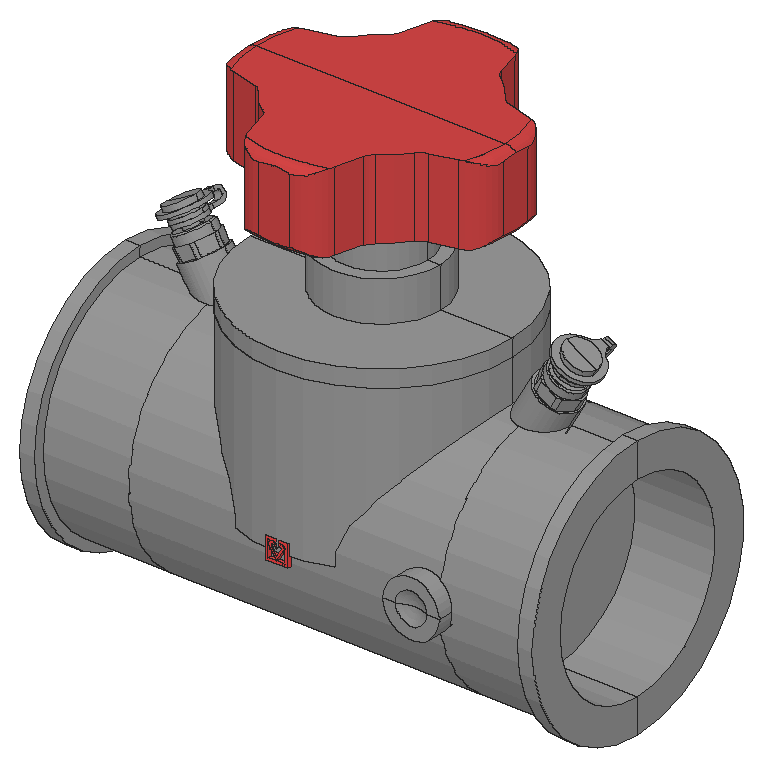
Revit family "HERZ Strömax Commissioning Valve With Test Points, Straight Body 4217 GM", category Rohrzubehör, Revit 2018
Family settings
  Bemaßung runder Anschluss = Durchmesser verwenden
  Teiletyp = Unterbricht
  OmniClass-Nummer = 23.65.55.14
  OmniClass-Titel = Valves for Liquid Services
  Arbeitsebenenbasiert = Nein
  Immer vertikal = Ja
  Beim Laden mit Abzugskörper schneiden = Nein
  Gemeinsam genutzt = Nein
Parameters
  kvs-value [instance] = if(Nennweite = 15.00 mm, 6.05, if(Nennweite = 20.00 mm, 6.11, if(Nennweite = 25.00 mm, 9.22, if(Nennweite = 32.00 mm, 18.83, if(Nennweite = 40.00 mm, 23.29, if(Nennweite = 50.00 mm, 35.26, if(Nennweite = 65.00 mm, 52.11, if(Nennweite = 80.00 mm, 76.1, 0))))))))  # 76.1
  W02 = 60.00°  # constant formula
  W01 = 30.00°  # constant formula
  URL = "www.herzvalves.com"
  SC_NennweiteBerechnet = 0
  SC_Dimension = ""
  SCRNSEQ = "ARM;ARM_TYP=\"STRV\";2"
  SCRNCODE = "05;07;02"  # constant formula
  S02 = 60.00 mm  # constant formula
  S01 [instance] = H00 + H01  # 119.31 mm
  R01 [instance] = size_lookup("4217_GM_", "R1", 1.00 mm, Nennweite)  # 53.00 mm
  Part number [instance] = size_lookup("4217_GM_", "Artnr", 0, Nennweite)  # 1421708
  Nennweite [instance] = 80.00 mm
  Model = "STRÖMAX-GM commissioning valve with test points, 1/2′′ – 3′′:\r\nScrew down model, brass version, socket x socket, non-rising spindle, spindle seal by means of double-O-ring, presetting by limitation of valve lift by means of internal spindle;\r\ndigital display of presetting step at the hand wheel window.\r\n2 standard test points are located adjacent to the hand wheel."
  Medium = "Water purity in accordance with the OeNORM H5195 and VDI 2035 standards.\r\nEthylene and propylene glycol can be mixed to a ratio of 25 - 50 vol. [%]."
  Max. operating pressure = 1600000.0 Pa  # constant formula
  Max. operating temperature (up to DN32) = 130 °C  # constant formula
  Max. operating temperature (from DN40) = 110 °C  # constant formula
  ML02 [instance] = size_lookup("4217_GM_", "ML2", 1.00 mm, Nennweite)  # 70.50 mm
  ML01 [instance] = size_lookup("4217_GM_", "ML1", 1.00 mm, Nennweite)  # 37.35 mm
  MD01 = 9.50 mm  # constant formula
  L02 [instance] = size_lookup("4217_GM_", "L2", 1.00 mm, Nennweite)  # 6.00 mm
  L01 [instance] = size_lookup("4217_GM_", "L1", 1.00 mm, Nennweite)  # 41.30 mm
  L00 [instance] = size_lookup("4217_GM_", "L", 1.00 mm, Nennweite)  # 210.00 mm
  IG [instance] = Nennweite / 2  # 40.00 mm
  Hersteller = "HERZ Armaturen Ges.m.b.H."  # constant formula
  H04 [instance] = size_lookup("4217_GM_", "H4", 1.00 mm, Nennweite)  # 19.00 mm
  H03 = 10.00 mm  # constant formula
  H02 [instance] = size_lookup("4217_GM_", "H2", 1.00 mm, Nennweite)  # 7.00 mm
  H01 [instance] = size_lookup("4217_GM_", "H1", 1.00 mm, Nennweite)  # 52.60 mm
  H00 [instance] = size_lookup("4217_GM_", "H", 1.00 mm, Nennweite)  # 66.71 mm
  Weight [instance] = if(Nennweite = 15.00 mm, "0.85 kg", if(Nennweite = 20.00 mm, "1.22 kg", if(Nennweite = 25.00 mm, "1.55 kg", if(Nennweite = 32.00 mm, "1.88 kg", if(Nennweite = 40.00 mm, "2.34 kg", if(Nennweite = 50.00 mm, "3.74 kg", if(Nennweite = 65.00 mm, "5.23 kg", if(Nennweite = 80.00 mm, "6.97 kg", "0 kg"))))))))  # "6.97 kg"
  GT [instance] = size_lookup("4217_GM_", "GT", 1.00 mm, Nennweite)  # 33.30 mm
  Field of application = "For hydraulic balancing in heating and cooling systems, adjustment of distribution mains, circuits, heat exchangers, heating and cooling registers, etc."
  Installation position = "The non-rising valve spindle arranged perpendicular to the valve axis guarantees optimum accessibility and optimum valve operation in any installation position."
  Differential pressure measurement = "The STRÖMAX-GM commissioning valve is equipped with two test points.\r\nThe differential pressure can be measured using a suitable measuring instrument, which permits calculation of the flow rate as a function of the respective presetting step.\r\nThe HERZ-Measuring computer (1 8900 05) permits direct flow rate reading (consult the equipment manual)."
  DN80 [instance] = Nennweite = 80.00 mm  # yes
  DN65 [instance] = Nennweite = 65.00 mm  # no
  DN50_DN80 [instance] = or(Nennweite = 50.00 mm, Nennweite = 65.00 mm, Nennweite = 80.00 mm)  # yes
  DN50-DN80 [instance] = H00 + H01  # 119.31 mm
  DN50 [instance] = Nennweite = 50.00 mm  # no
  DN40 [instance] = Nennweite = 40.00 mm  # no
  DN32 [instance] = Nennweite = 32.00 mm  # no
  DN25 [instance] = Nennweite = 25.00 mm  # no
  DN20 [instance] = Nennweite = 20.00 mm  # no
  DN15_DN40 [instance] = or(Nennweite = 15.00 mm, Nennweite = 20.00 mm, Nennweite = 25.00 mm, Nennweite = 32.00 mm, Nennweite = 40.00 mm)  # no
  DN15-DN40 [instance] = H00 + H01  # 119.31 mm
  DN15 [instance] = Nennweite = 15.00 mm  # no
  D06 [instance] = size_lookup("4217_GM_", "D6", 1.00 mm, Nennweite)  # 24.30 mm
  D05 [instance] = size_lookup("4217_GM_", "D5", 1.00 mm, Nennweite)  # 19.00 mm
  D04 = 9.00 mm  # constant formula
  D03 [instance] = size_lookup("4217_GM_", "D3", 1.00 mm, Nennweite)  # 53.80 mm
  D02 [instance] = size_lookup("4217_GM_", "D2", 1.00 mm, Nennweite)  # 54.00 mm
  D01 [instance] = size_lookup("4217_GM_", "D1", 1.00 mm, Nennweite)  # 50.00 mm
  Body = "DZR brass"  # constant formula
Reference planes
  plane 1 "Mitte (Vorne/hinten)": y = 0
  plane 2: z = 0
  plane 3 "Mitte (Links/rechts)": x = 0
Forms (mm)
  Revolve 1, solid, material "Messing, weicher Gelbton, geschweißt", detail levels fine
    sketch origin (0, 0, 0) x (1, 0, 0) y (0, 0, 1)
      loop
        line (-105, 54) -> (-105, 40) -> (-71.7, 40) -> (-71.7, 0) -> (71.7, 0) -> (71.7, 40) -> (105, 40) -> (105, 54) -> (99, 54) -> (99, 50) -> (63.7, 50)
        arc (63.7, 50) -> (0, 53) -> (-63.7, 50) r 677.782
        line (-63.7, 50) -> (-99, 50) -> (-99, 54) -> (-105, 54)
      axis (-105, 0) -> (105, 0)
    angle from 0 to 360
  Revolve 2, solid, material "Messing, weicher Gelbton, geschweißt", detail levels fine
    sketch origin (0, 0, 0) x (1, 0, 0) y (0, 0, 1)
      loop
        line (37.35, 0) -> (72.6, 61.055) -> (64.373, 65.805) -> (29.123, 4.75) -> (37.35, 0)
      axis (37.35, 0) -> (72.6, 61.055)
    angle from 0 to 360
  Revolve 3, solid, material "Messing, weicher Gelbton, geschweißt", detail levels fine
    sketch origin (0, 0, 0) x (1, 0, 0) y (0, 0, 1)
      loop
        line (0, 0) -> (0, 66.71) -> (-53.8, 66.71) -> (-53.8, 0) -> (0, 0)
      axis (0, 66.71) -> (0, 0)
    angle from 0 to 360
  Revolve 4, solid, material "Messing, weicher Gelbton, geschweißt", detail levels fine
    sketch origin (0, 0, 0) x (-1, 0, 0) y (0, 0, 1)
      loop
        line (37.35, 0) -> (72.6, 61.055) -> (64.373, 65.805) -> (29.123, 4.75) -> (37.35, 0)
      axis (37.35, 0) -> (72.6, 61.055)
    angle from 0 to 360
  Revolve 5, solid, material "Messing, weicher Gelbton, geschweißt", visible <- "DN65", detail levels fine
    sketch origin (0, 0, 0) x (1, 0, 0) y (0, 1, 0)
      loop
        line (60, 47.945) -> (60, -47.945)
        arc (60, -47.945) -> (63.368, -48.598) -> (66.5, -50) r 15
        line (66.5, -50) -> (71.5, -50) -> (71.5, 50) -> (66.5, 50)
        arc (66.5, 50) -> (63.368, 48.598) -> (60, 47.945) r 15
      axis (60, 50) -> (60, -50)
    angle from 0 to 360
  Revolve 6, solid, material "Messing, weicher Gelbton, geschweißt", detail levels fine
    sketch origin (0, 0, 0) x (1, 0, 0) y (0, 0, 1)
      loop
        line (0, 66.71) -> (0, 119.31) -> (-9, 119.31) -> (-9, 109.31) -> (-19, 109.31) -> (-19, 90.31) -> (-24.3, 90.31) -> (-24.3, 73.71) -> (-53.8, 73.71) -> (-53.8, 66.71) -> (0, 66.71)
      axis (0, 119.31) -> (0, 66.71)
    angle from 0 to 360
  Revolve 7, solid, material "Messing, weicher Gelbton, geschweißt", visible <- "DN80", detail levels fine
    sketch origin (0, 0, 0) x (1, 0, 0) y (0, 1, 0)
      loop
        line (57, 53.945) -> (57, -53.945)
        arc (57, -53.945) -> (60.368, -54.598) -> (63.5, -56) r 15
        line (63.5, -56) -> (68.5, -56) -> (68.5, 56) -> (63.5, 56)
        arc (63.5, 56) -> (60.368, 54.598) -> (57, 53.945) r 15
      axis (57, 56) -> (57, -56)
    angle from 0 to 360
Lines and regions (mm)
  model lines, detail levels coarse+medium
    curve 1: line (-105, 0, 54) -> (-105, 0, -54)
    curve 2: line (-105, 0, -54) -> (105, 0, 54)
    curve 3: line (105, 0, 54) -> (105, 0, -54)
    curve 4: line (105, 0, -54) -> (-105, 0, 54)
    curve 5: line (0, 0, 0) -> (68.884, 0, 119.31)
    curve 6: line (42.903, 0, 134.31) -> (94.864, 0, 104.31)
    curve 7: line (-105, 54, 0) -> (-105, -54, 0)
    curve 8: line (-105, -54, 0) -> (105, 54, 0)
    curve 9: line (105, 54, 0) -> (105, -54, 0)
    curve 10: line (105, -54, 0) -> (-105, 54, 0)
    curve 11: line (0, 0, 0) -> (68.884, 119.31, 0)
    curve 12: line (42.903, 134.31, 0) -> (94.864, 104.31, 0)
Dimensions and locks
  "IG": Revolve 1 sketch curve to plane 2
  "GT": Revolve 1 sketch curve to Revolve 1 sketch curve  (x2)
  "IG": Revolve 1 sketch curve to Revolve 1 sketch curve
  "D01": Revolve 1 sketch curve to Revolve 1 sketch curve  (x2)
  "R01": Revolve 1 sketch curve to Revolve 1 sketch curve
  "L02": Revolve 1 sketch curve to Revolve 1 sketch curve  (x2)
  "L01": Revolve 1 sketch curve to Revolve 1 sketch curve  (x2)
  "D02": Revolve 1 sketch curve to plane 2  (x2)
  equal spacing: Revolve 1 sketch curve, plane 3 "Mitte (Links/rechts)", Revolve 1 sketch curve
  "L00": Revolve 1 sketch curve to Revolve 1 sketch curve
  "R01": nested 1 to plane 1 "Mitte (Vorne/hinten)"
  "ML01": Revolve 2 sketch curve to plane 3 "Mitte (Links/rechts)"
  "H00": Revolve 3 sketch curve to plane 2
  "D03": Revolve 3 sketch curve to Revolve 3 sketch curve
  "ML02": Revolve 2 sketch curve to Revolve 2 sketch curve
  "MD01": Revolve 2 sketch curve to Revolve 2 sketch curve  (x2)
  "ML02": Revolve 4 sketch curve to Revolve 4 sketch curve
  "MD01": Revolve 4 sketch curve to Revolve 4 sketch curve  (x2)
  "ML01": plane 3 "Mitte (Links/rechts)" to Revolve 4 sketch curve
  Revolve 5 sketch curve to Revolve 1 = 45.00 mm
  Revolve 5 sketch curve to Revolve 5 sketch curve = 11.50 mm  (x2)
  Revolve 5 sketch curve to plane 1 "Mitte (Vorne/hinten)" to Revolve 5 sketch curve = 50.00 mm, 50.00 mm
  "H00": Revolve 6 sketch curve to plane 2
  "H01": Revolve 6 sketch curve to Revolve 6 sketch curve
  "D04": Revolve 6 sketch curve to Revolve 6 sketch curve
  "D03": Revolve 6 sketch curve to Revolve 6 sketch curve
  "D05": Revolve 6 sketch curve to Revolve 6 sketch curve
  "D06": Revolve 6 sketch curve to Revolve 6 sketch curve
  "H02": Revolve 6 sketch curve to Revolve 6 sketch curve
  "H03": Revolve 6 sketch curve to Revolve 6 sketch curve
  "H04": Revolve 6 sketch curve to Revolve 6 sketch curve
  Revolve 7 sketch curve to Revolve 1 = 48.00 mm
  Revolve 7 sketch curve to Revolve 7 sketch curve = 11.50 mm  (x2)
  Revolve 7 sketch curve to plane 1 "Mitte (Vorne/hinten)" to Revolve 7 sketch curve = 56.00 mm, 56.00 mm
  "DN15-DN40": nested 2 to plane 2
  "DN50-DN80": nested 3 to plane 2
  "D02": curve 4 to plane 2 to curve 2
  "D02": curve 3 to plane 2 to curve 4
  equal spacing: curve 1, plane 3 "Mitte (Links/rechts)", curve 3
  "L00": curve 1 to curve 3
  equal spacing: Revolve 1, curve 5, Revolve 1
  "S01": curve 5 to plane 2
  equal spacing: curve 6, curve 5, curve 6
  "S02": curve 6 to curve 6
  "D02": curve 8 to plane 1 "Mitte (Vorne/hinten)" to curve 10
  "D02": curve 10 to plane 1 "Mitte (Vorne/hinten)" to curve 9
  equal spacing: curve 7, plane 3 "Mitte (Links/rechts)", curve 9
  "L00": curve 7 to curve 9
  equal spacing: curve 7, curve 11, curve 9
  "S01": plane 1 "Mitte (Vorne/hinten)" to curve 11
  equal spacing: curve 12, curve 11, curve 12
  "S02": curve 12 to curve 12
  radius of Revolve 5 sketch curve = 15.00 mm  (x2)
  radius of Revolve 7 sketch curve = 15.00 mm  (x2)
  "W01": angle Revolve 2 sketch curve to plane 3 "Mitte (Links/rechts)"  (x2)
  "W01": angle plane 3 "Mitte (Links/rechts)" to Revolve 4 sketch curve  (x2)
  "W02": angle plane 2 to curve 5
  "W02": angle plane 1 "Mitte (Vorne/hinten)" to curve 11
  aligned and locked: level to plane 2
Automatic sketch dimensions
  Revolve 5 sketch curve to Revolve 5 sketch curve = 1.153 mm  (x2)
  Revolve 5 sketch curve to Revolve 5 sketch curve = 5.00 mm  (x2)
  Revolve 5 sketch curve to Revolve 5 sketch curve = 2.854 mm  (x2)
  Revolve 7 sketch curve to Revolve 7 sketch curve = 1.153 mm  (x2)
  Revolve 7 sketch curve to Revolve 7 sketch curve = 5.00 mm  (x2)
  Revolve 7 sketch curve to Revolve 7 sketch curve = 8.854 mm  (x2)
  Revolve 1 sketch curve to level = 0.00 mm  (x2)
  Revolve 1 sketch curve to Revolve 1 sketch curve = 1429.986 mm
  Revolve 1 sketch curve to Revolve 1 sketch curve = 1762.604 mm
  Revolve 2 sketch curve to level = 0.00 mm  (x2)
  Revolve 3 sketch curve to level = 0.00 mm
  Revolve 3 sketch curve to plane 3 "Mitte (Links/rechts)" = 0.00 mm  (x2)
  Revolve 3 sketch curve to Revolve 3 sketch curve = 366.045 mm
  Revolve 3 sketch curve to Revolve 3 sketch curve = 2179.415 mm
  Revolve 4 sketch curve to level = 0.00 mm  (x2)
  Revolve 6 sketch curve to plane 3 "Mitte (Links/rechts)" = 0.00 mm  (x2)
  Revolve 6 sketch curve to level = 366.045 mm
  Revolve 6 sketch curve to Revolve 6 sketch curve = 2146.115 mm
Nested families
  nested 1: "Herz-Logo-vorne" at (0, -53, 0) x (0, 1, 0) z (0, 0, 1), type "Herz-Logo-vorne", detail levels fine
  nested 2: "Strangregulierventil-Handrad-Gerade (Rot) DN15-DN40" at (0, 0, 119.31), visible <- "DN15_DN40", type "Strangregulierventil-Handrad-Gerade (Rot) DN15-DN40", detail levels fine
    with Nennweite 0.00 mm, Gewicht 0.00 kg, Bestellnummer 0
  nested 3: "Strangregulierventil-Handrad-Gerade (Rot) DN50-DN80" at (0, 0, 119.31), visible <- "DN50_DN80", type "Strangregulierventil-Handrad-Gerade (Rot) DN50-DN80", detail levels fine
    with Nennweite 0.00 mm, Gewicht 0.00 kg, Bestellnummer 0
  nested 4: "Messstutzen_Band_Austritt_30Grad_(oben)" at (47.24, 0, 34.901), visible <- "DN50", type "Messstutzen_Band_Austritt_30Grad_(oben)", detail levels fine
    with Schutzkappe yes, Nennweite 0.00 mm, Gewicht 0.00 kg, Bestellnummer 0
  nested 5: "Messstutzen_Band_Eintritt_30Grad_(oben)" at (-47.24, 0, 34.901) x (-1, 0, 0) z (0, 0, 1), visible <- "DN50", type "Messstutzen_Band_Eintritt_30Grad_(oben)", detail levels fine
    with Schutzkappe yes, Nennweite 0.00 mm, Gewicht 0.00 kg, Bestellnummer 0
  nested 6: "Messstutzen_Band_Austritt_30Grad_(oben)" at (27.02, 0, 10.999), visible <- "DN15", type "Messstutzen_Band_Austritt_30Grad_(oben)", detail levels fine
    with Schutzkappe yes, Nennweite 0.00 mm, Gewicht 0.00 kg, Bestellnummer 0
  nested 7: "Messstutzen_Band_Eintritt_30Grad_(oben)" at (-27.02, 0, 10.999) x (-1, 0, 0) z (0, 0, 1), visible <- "DN15", type "Messstutzen_Band_Eintritt_30Grad_(oben)", detail levels fine
    with Schutzkappe yes, Nennweite 0.00 mm, Gewicht 0.00 kg, Bestellnummer 0
  nested 8: "Messstutzen_Band_Eintritt_30Grad_(oben)" at (-24.855, 0, 13.553) x (-1, 0, 0) z (0, 0, 1), visible <- "DN20", type "Messstutzen_Band_Eintritt_30Grad_(oben)", detail levels fine
    with Schutzkappe yes, Nennweite 0.00 mm, Gewicht 0.00 kg, Bestellnummer 0
  nested 9: "Messstutzen_Band_Austritt_30Grad_(oben)" at (24.855, 0, 13.553), visible <- "DN20", type "Messstutzen_Band_Austritt_30Grad_(oben)", detail levels fine
    with Schutzkappe yes, Nennweite 0.00 mm, Gewicht 0.00 kg, Bestellnummer 0
  nested 10: "Messstutzen_Band_Eintritt_30Grad_(oben)" at (-29.265, 0, 17.883) x (-1, 0, 0) z (0, 0, 1), visible <- "DN25", type "Messstutzen_Band_Eintritt_30Grad_(oben)", detail levels fine
    with Schutzkappe yes, Nennweite 0.00 mm, Gewicht 0.00 kg, Bestellnummer 0
  nested 11: "Messstutzen_Band_Austritt_30Grad_(oben)" at (29.265, 0, 17.883), visible <- "DN25", type "Messstutzen_Band_Austritt_30Grad_(oben)", detail levels fine
    with Schutzkappe yes, Nennweite 0.00 mm, Gewicht 0.00 kg, Bestellnummer 0
  nested 12: "Messstutzen_Band_Eintritt_30Grad_(oben)" at (-37.74, 0, 24.595) x (-1, 0, 0) z (0, 0, 1), visible <- "DN32", type "Messstutzen_Band_Eintritt_30Grad_(oben)", detail levels fine
    with Schutzkappe yes, Nennweite 0.00 mm, Gewicht 0.00 kg, Bestellnummer 0
  nested 13: "Messstutzen_Band_Austritt_30Grad_(oben)" at (37.74, 0, 24.595), visible <- "DN32", type "Messstutzen_Band_Austritt_30Grad_(oben)", detail levels fine
    with Schutzkappe yes, Nennweite 0.00 mm, Gewicht 0.00 kg, Bestellnummer 0
  nested 14: "Messstutzen_Band_Eintritt_30Grad_(oben)" at (-42.8, 0, 28.665) x (-1, 0, 0) z (0, 0, 1), visible <- "DN40", type "Messstutzen_Band_Eintritt_30Grad_(oben)", detail levels fine
    with Schutzkappe yes, Nennweite 0.00 mm, Gewicht 0.00 kg, Bestellnummer 0
  nested 15: "Messstutzen_Band_Austritt_30Grad_(oben)" at (42.8, 0, 28.665), visible <- "DN40", type "Messstutzen_Band_Austritt_30Grad_(oben)", detail levels fine
    with Schutzkappe yes, Nennweite 0.00 mm, Gewicht 0.00 kg, Bestellnummer 0
  nested 16: "Messstutzen_Band_Eintritt_30Grad_(oben)" at (-54.5, 0, 38.105) x (-1, 0, 0) z (0, 0, 1), visible <- "DN65", type "Messstutzen_Band_Eintritt_30Grad_(oben)", detail levels fine
    with Schutzkappe yes, Nennweite 0.00 mm, Gewicht 0.00 kg, Bestellnummer 0
  nested 17: "Messstutzen_Band_Austritt_30Grad_(oben)" at (54.5, 0, 38.105), visible <- "DN65", type "Messstutzen_Band_Austritt_30Grad_(oben)", detail levels fine
    with Schutzkappe yes, Nennweite 0.00 mm, Gewicht 0.00 kg, Bestellnummer 0
  nested 18: "Messstutzen_Band_Eintritt_30Grad_(oben)" at (-63.85, 0, 45.899) x (-1, 0, 0) z (0, 0, 1), visible <- "DN80", type "Messstutzen_Band_Eintritt_30Grad_(oben)", detail levels fine
    with Schutzkappe yes, Nennweite 0.00 mm, Gewicht 0.00 kg, Bestellnummer 0
  nested 19: "Messstutzen_Band_Austritt_30Grad_(oben)" at (63.85, 0, 45.899), visible <- "DN80", type "Messstutzen_Band_Austritt_30Grad_(oben)", detail levels fine
    with Schutzkappe yes, Nennweite 0.00 mm, Gewicht 0.00 kg, Bestellnummer 0
Connectors
  piping at (-71.7, 0, 0), diameter 80, driven by "Nennweite"
    settings: on Revolve 1, index 1, connector inside diameter 609.6 mm, connector length 0.00 mm, flow factor 0, pipe flow 0.0 L/s, pressure drop 0.0 Pa, fitting loss kfactor 0, connector angle 0.00°, fixture units 0, engagement length 0.00 mm, angle of deflection 0.00°, flow configuration 0, flow direction 1, fitting loss method 0, system type 29, joint type 0, gender type 0, connector reference index -1, connector utility 0, adjustable connector no, is connector primary yes, connector description ""
  piping at (71.7, 0, 0), diameter 80, driven by "Nennweite"
    settings: on Revolve 1, index 2, connector inside diameter 609.6 mm, connector length 0.00 mm, flow factor 0, pipe flow 0.0 L/s, pressure drop 0.0 Pa, fitting loss kfactor 0, connector angle 0.00°, fixture units 0, engagement length 0.00 mm, angle of deflection 0.00°, flow configuration 0, flow direction 2, fitting loss method 0, system type 29, joint type 0, gender type 0, connector reference index -1, connector utility 0, adjustable connector no, is connector primary no, connector description ""
Definition of nested family "Herz-Logo-vorne"
  Reference planes
    plane 1 "Mitte (Vorne/hinten)": y = 0
    plane 2: z = 0
    plane 3 "Mitte (Links/rechts)": x = 0
  Forms (mm)
    Extrusion 1, solid
      sketch origin (0.732, -0.018, 0.017) x (0, -1, 0) y (0, 0, 1)
        loop
          line (-0.018, -4.517) -> (4.482, -4.517) -> (4.482, 4.483) -> (-4.518, 4.483) -> (-4.518, -4.517) -> (-0.018, -4.517)
        loop
          line (-0.05, -3.48) -> (3.482, -3.48) -> (3.482, 3.483) -> (-3.518, 3.483) -> (-3.518, -3.48) -> (-0.05, -3.48)
        loop
          arc (-0.018, 2.383) -> (-1.543, 3.287) -> (-3.067, 2.383) r 1.738
          arc (-3.067, 2.383) -> (-3.191, 1.899) -> (-3.067, 1.415) r 1.009
          line (-3.067, 1.415) -> (-0.018, -3.281) -> (3.032, 1.415)
          arc (3.032, 1.415) -> (3.156, 1.899) -> (3.032, 2.383) r 1.009
          arc (3.032, 2.383) -> (1.507, 3.287) -> (-0.018, 2.383) r 1.738
        loop
          arc (1.885, 1.272) -> (2.005, 1.675) -> (1.885, 2.079) r 0.74
          arc (1.885, 2.079) -> (1.265, 2.416) -> (0.644, 2.079) r 0.74
          line (0.644, 2.079) -> (-0.018, 0.97) -> (-0.679, 2.079)
          arc (-0.679, 2.079) -> (-1.3, 2.416) -> (-1.921, 2.079) r 0.74
          arc (-1.921, 2.079) -> (-2.04, 1.675) -> (-1.921, 1.272) r 0.74
          line (-1.921, 1.272) -> (-0.018, -1.658) -> (1.885, 1.272)
      from 0 to 1.5
  Dimensions and locks
    aligned and locked: level to plane 2
Definition of nested family "Strangregulierventil-Handrad-Gerade (Rot) DN15-DN40"
  Parameters (values of type "Strangregulierventil-Handrad-Gerade (Rot) DN15-DN40")
    URL = "www.herz-armaturen.at"
    Nennweite [instance] = 0.00 mm
    Manufacturer = "Herz Armaturen GmbH"  # constant formula
    Gewicht [instance] = 0.00 kg
    Bestellnummer [instance] = 0
  Reference planes
    plane 1 "Mitte (Vorne/hinten)": y = 0
    plane 2: z = 0
    plane 3 "Mitte (Links/rechts)": x = 0
  Forms (mm)
    Revolve 1, solid, detail levels fine
      sketch origin (0, 0, 0) x (1, 0, 0) y (0, 0, 1)
        loop
          line (0, 0) -> (0, 24.95) -> (-30.992, 24.95)
          arc (-30.992, 24.95) -> (-34.37, 23.636) -> (-35.973, 20.386) r 5
          line (-35.973, 20.386) -> (-37, 8.65) -> (-35.986, -2.936)
          arc (-35.986, -2.936) -> (-34.383, -6.186) -> (-31.005, -7.5) r 5
          line (-31.005, -7.5) -> (-15, -7.5) -> (-15, 0) -> (0, 0)
        axis (0, 24.95) -> (0, -7.5)
      angle from 0 to 360
    Extrusion 2, void
      sketch origin (0, 0, 20.3) x (1, 0, 0) y (0, 1, 0)
        loop
          line (3.861, 35.5) -> (-3.861, 35.5)
          arc (-3.861, 35.5) -> (-8.731, 33.847) -> (-11.589, 29.571) r 8
          line (-11.589, 29.571) -> (-13.284, 23.245)
          arc (-13.284, 23.245) -> (-13.982, 21.722) -> (-15.144, 20.516) r 5
          arc (-15.144, 20.516) -> (-18.031, 18.031) -> (-20.516, 15.144) r 25.5
          arc (-20.516, 15.144) -> (-21.722, 13.982) -> (-23.245, 13.284) r 5
          line (-23.245, 13.284) -> (-29.571, 11.589)
          arc (-29.571, 11.589) -> (-33.847, 8.731) -> (-35.5, 3.861) r 8
          line (-35.5, 3.861) -> (-35.5, -3.861)
          arc (-35.5, -3.861) -> (-33.847, -8.731) -> (-29.571, -11.589) r 8
          line (-29.571, -11.589) -> (-23.245, -13.284)
          arc (-23.245, -13.284) -> (-21.722, -13.982) -> (-20.516, -15.144) r 5
          arc (-20.516, -15.144) -> (-18.031, -18.031) -> (-15.144, -20.516) r 25.5
          arc (-15.144, -20.516) -> (-13.982, -21.722) -> (-13.284, -23.245) r 5
          line (-13.284, -23.245) -> (-11.589, -29.571)
          arc (-11.589, -29.571) -> (-8.731, -33.847) -> (-3.861, -35.5) r 8
          line (-3.861, -35.5) -> (3.861, -35.5)
          arc (3.861, -35.5) -> (8.731, -33.847) -> (11.589, -29.571) r 8
          line (11.589, -29.571) -> (13.284, -23.245)
          arc (13.284, -23.245) -> (13.982, -21.722) -> (15.144, -20.516) r 5
          arc (15.144, -20.516) -> (18.031, -18.031) -> (20.516, -15.144) r 25.5
          arc (20.516, -15.144) -> (21.722, -13.982) -> (23.245, -13.284) r 5
          line (23.245, -13.284) -> (29.571, -11.589)
          arc (29.571, -11.589) -> (33.847, -8.731) -> (35.5, -3.861) r 8
          line (35.5, -3.861) -> (35.5, 3.861)
          arc (35.5, 3.861) -> (33.847, 8.731) -> (29.571, 11.589) r 8
          line (29.571, 11.589) -> (23.245, 13.284)
          arc (23.245, 13.284) -> (21.722, 13.982) -> (20.516, 15.144) r 5
          arc (20.516, 15.144) -> (18.031, 18.031) -> (15.144, 20.516) r 25.5
          arc (15.144, 20.516) -> (13.982, 21.722) -> (13.284, 23.245) r 5
          line (13.284, 23.245) -> (11.589, 29.571)
          arc (11.589, 29.571) -> (8.731, 33.847) -> (3.861, 35.5) r 8
        loop
          circle (0, 0) r 38
      from -31.266 to 7.923
  Cuts and joins
    Extrusion 2 cuts Revolve 1
  Dimensions and locks
    Revolve 1 sketch curve to Revolve 1 sketch curve = 15.00 mm
    Revolve 1 sketch curve to Revolve 1 sketch curve = 16.15 mm
    Revolve 1 sketch curve to Revolve 1 sketch curve = 16.30 mm
    angle Revolve 1 sketch curve to Revolve 1 sketch curve = 95.00°
    aligned and locked: level to plane 2
Definition of nested family "Strangregulierventil-Handrad-Gerade (Rot) DN50-DN80"
  Parameters (values of type "Strangregulierventil-Handrad-Gerade (Rot) DN50-DN80")
    URL = "www.herz-armaturen.at"
    Nennweite [instance] = 0.00 mm
    Manufacturer = "Herz Armaturen GmbH"  # constant formula
    Gewicht [instance] = 0.00 kg
    Bestellnummer [instance] = 0
  Reference planes
    plane 1 "Mitte (Vorne/hinten)": y = 0
    plane 2: z = 0
    plane 3 "Mitte (Links/rechts)": x = 0
  Forms (mm)
    Revolve 1, solid, detail levels fine
      sketch origin (0, 0, 0) x (1, 0, 0) y (0, 0, 1)
        loop
          line (0, 0) -> (0, 24.95) -> (-50.992, 24.95)
          arc (-50.992, 24.95) -> (-54.37, 23.636) -> (-55.973, 20.386) r 5
          line (-55.973, 20.386) -> (-57, 8.65) -> (-55.986, -2.936)
          arc (-55.986, -2.936) -> (-54.383, -6.186) -> (-51.005, -7.5) r 5
          line (-51.005, -7.5) -> (-15, -7.5) -> (-15, 0) -> (0, 0)
        axis (0, 24.95) -> (0, -7.5)
      angle from 0 to 360
    Extrusion 2, void
      sketch origin (0, 0, 20.3) x (1, 0, 0) y (0, 1, 0)
        loop
          line (-55, 6.292) -> (-55, -6.292)
          arc (-55, -6.292) -> (-52.52, -13.597) -> (-46.106, -17.883) r 12
          line (-46.106, -17.883) -> (-35.399, -20.752)
          arc (-35.399, -20.752) -> (-33.541, -21.612) -> (-32.08, -23.047) r 6
          arc (-32.08, -23.047) -> (-27.931, -27.931) -> (-23.047, -32.08) r 39.5
          arc (-23.047, -32.08) -> (-21.612, -33.541) -> (-20.752, -35.399) r 6
          line (-20.752, -35.399) -> (-17.883, -46.106)
          arc (-17.883, -46.106) -> (-13.597, -52.52) -> (-6.292, -55) r 12
          line (-6.292, -55) -> (6.292, -55)
          arc (6.292, -55) -> (13.597, -52.52) -> (17.883, -46.106) r 12
          line (17.883, -46.106) -> (20.752, -35.399)
          arc (20.752, -35.399) -> (21.612, -33.541) -> (23.047, -32.08) r 6
          arc (23.047, -32.08) -> (27.931, -27.931) -> (32.08, -23.047) r 39.5
          arc (32.08, -23.047) -> (33.541, -21.612) -> (35.399, -20.752) r 6
          line (35.399, -20.752) -> (46.106, -17.883)
          arc (46.106, -17.883) -> (52.52, -13.597) -> (55, -6.292) r 12
          line (55, -6.292) -> (55, 6.292)
          arc (55, 6.292) -> (52.52, 13.597) -> (46.106, 17.883) r 12
          line (46.106, 17.883) -> (35.399, 20.752)
          arc (35.399, 20.752) -> (33.541, 21.612) -> (32.08, 23.047) r 6
          arc (32.08, 23.047) -> (27.931, 27.931) -> (23.047, 32.08) r 39.5
          arc (23.047, 32.08) -> (21.612, 33.541) -> (20.752, 35.399) r 6
          line (20.752, 35.399) -> (17.883, 46.106)
          arc (17.883, 46.106) -> (13.597, 52.52) -> (6.292, 55) r 12
          line (6.292, 55) -> (-6.292, 55)
          arc (-6.292, 55) -> (-13.597, 52.52) -> (-17.883, 46.106) r 12
          line (-17.883, 46.106) -> (-20.752, 35.399)
          arc (-20.752, 35.399) -> (-21.612, 33.541) -> (-23.047, 32.08) r 6
          arc (-23.047, 32.08) -> (-27.931, 27.931) -> (-32.08, 23.047) r 39.5
          arc (-32.08, 23.047) -> (-33.541, 21.612) -> (-35.399, 20.752) r 6
          line (-35.399, 20.752) -> (-46.106, 17.883)
          arc (-46.106, 17.883) -> (-52.52, 13.597) -> (-55, 6.292) r 12
        loop
          circle (0, 0) r 60
      from -31.161 to 7.489
  Cuts and joins
    Extrusion 2 cuts Revolve 1
  Dimensions and locks
    Revolve 1 sketch curve to Revolve 1 sketch curve = 15.00 mm
    Revolve 1 sketch curve to Revolve 1 sketch curve = 16.15 mm
    Revolve 1 sketch curve to Revolve 1 sketch curve = 16.30 mm
    Revolve 1 sketch curve to Revolve 1 sketch curve = 57.00 mm
    angle Revolve 1 sketch curve to Revolve 1 sketch curve = 95.00°
    aligned and locked: level to plane 2
Definition of nested family "Messstutzen_Band_Austritt_30Grad_(oben)"
  Parameters (values of type "Messstutzen_Band_Austritt_30Grad_(oben)")
    URL = "www.herz-armaturen.at"
    Schutzkappe [instance] = yes
    Nennweite [instance] = 0.00 mm
    Manufacturer = "Herz Armaturen GmbH"  # constant formula
    Gewicht [instance] = 0.00 kg
    Bestellnummer [instance] = 0
  Reference planes
    plane 1 "Mitte (Vorne/hinten)": y = 0
    plane 2: z = 0
    plane 3 "Mitte (Links/rechts)": x = 0
  Forms (mm)
    Revolve 1, solid, detail levels fine
      sketch origin (0, 0, 0) x (0.866025, 0, -0.5) y (0.5, 0, 0.866025)
        loop
          line (-7.4, 9) -> (-5.55, 9) -> (-5.55, 6)
          arc (-5.55, 6) -> (-5.626, 5.617) -> (-5.843, 5.293) r 1
          line (-5.843, 5.293) -> (-6.455, 4.681) -> (-6.455, 0.9) -> (-5.555, 0) -> (-2, 0) -> (-2, 17.5) -> (-8.4, 17.5)
          arc (-8.4, 17.5) -> (-7.693, 17.207) -> (-7.4, 16.5) r 1
          line (-7.4, 16.5) -> (-7.4, 9)
        loop
          line (-3.7, 27) -> (-7.3, 27) -> (-7.9, 26.4) -> (-7.9, 23) -> (-2, 23) -> (-2, 35.8) -> (-3.805, 35.8) -> (-4.415, 35.19) -> (-4.415, 30.863) -> (-3.7, 30.45) -> (-3.7, 27)
        axis (0, 0) -> (0, 35.8)
      angle from 0 to 360
    Extrusion 2, solid, detail levels fine
      sketch origin (8.75, 0, 15.155) x (0, 1, 0) y (-0.866025, 0, 0.5)
        loop
          arc (-7.07, 5.156) -> (-7.578, 4.375) -> (-8, 3.544) r 8.75
          line (-8, 3.544) -> (-8, -3.544)
          arc (-8, -3.544) -> (-7.578, -4.375) -> (-7.07, -5.156) r 8.75
          line (-7.07, -5.156) -> (-0.93, -8.7)
          arc (-0.93, -8.7) -> (0, -8.75) -> (0.93, -8.7) r 8.75
          line (0.93, -8.7) -> (7.07, -5.156)
          arc (7.07, -5.156) -> (7.578, -4.375) -> (8, -3.544) r 8.75
          line (8, -3.544) -> (8, 3.544)
          arc (8, 3.544) -> (7.578, 4.375) -> (7.07, 5.156) r 8.75
          line (7.07, 5.156) -> (0.93, 8.7)
          arc (0.93, 8.7) -> (0, 8.75) -> (-0.93, 8.7) r 8.75
          line (-0.93, 8.7) -> (-7.07, 5.156)
      from 0 to 5.5
    Revolve 3, solid, visible <- "Schutzkappe", detail levels fine
      sketch origin (0, 0, 0) x (0.866025, 0, -0.5) y (0.5, 0, 0.866025)
        loop
          line (0, 35.878) -> (0, 36.678) -> (-7, 36.678) -> (-7, 33.378) -> (-6.1, 33.378) -> (-6.1, 31.678) -> (-6.9, 31.678) -> (-6.9, 30.178) -> (-4.415, 30.178) -> (-4.415, 35.268) -> (-3.805, 35.878) -> (0, 35.878)
        axis (0, 30.178) -> (0, 36.678)
      angle from 0 to 360
    Extrusion 4, solid, detail levels fine
      sketch origin (14.25, 0, 24.682) x (0, 1, 0) y (0.866025, 0, -0.5)
        loop
          circle (0, 0) r 3.7
        loop
          arc (5.505, -3.906) -> (7.288, -2.358) -> (9.582, -1.8) r 5
          line (9.582, -1.8) -> (9.582, 1.8)
          arc (9.582, 1.8) -> (7.288, 2.358) -> (5.505, 3.906) r 5
          arc (5.505, 3.906) -> (-6.75, 0) -> (5.505, -3.906) r 6.75
      from 0 to -1.5
    Extrusion 5, solid, detail levels fine
      sketch origin (16.589, 0, 28.733) x (0, 1, 0) y (0.866025, 0, -0.5)
        loop
          circle (0, 0) r 6.1
        loop
          arc (8.652, -4.495) -> (10.493, -2.527) -> (13.089, -1.8) r 5
          line (13.089, -1.8) -> (13.089, 1.8)
          arc (13.089, 1.8) -> (10.493, 2.527) -> (8.652, 4.495) r 5
          arc (8.652, 4.495) -> (-9.75, 0) -> (8.652, -4.495) r 9.75
      from 0 to -1.5
    Sweep 6, solid, detail levels fine
      path origin (1.029, 0.159, 0.98) x (-0.5, 0, -0.866025) y (0, 1, 0)
        loop
          line (-27.75, 9.582) -> (-27.75, 14.522)
          arc (-27.75, 14.522) -> (-30.089, 16.862) -> (-32.428, 14.522) r 2.339
          line (-32.428, 14.522) -> (-32.428, 13.089)
      profile origin (14.904, 12.211, 25.012) x (0.5, 0, 0.866025) y (0.866025, 0, -0.5)
        loop
          line (-0.75, -1.8) -> (0.75, -1.8) -> (0.75, 1.8) -> (-0.75, 1.8) -> (-0.75, -1.8)
  Dimensions and locks
    aligned and locked: level to plane 2
Definition of nested family "Messstutzen_Band_Eintritt_30Grad_(oben)"
  Parameters (values of type "Messstutzen_Band_Eintritt_30Grad_(oben)")
    URL = "www.herz-armaturen.at"
    Schutzkappe [instance] = yes
    Nennweite [instance] = 0.00 mm
    Manufacturer = "Herz Armaturen GmbH"  # constant formula
    Gewicht [instance] = 0.00 kg
    Bestellnummer [instance] = 0
  Reference planes
    plane 1 "Mitte (Vorne/hinten)": y = 0
    plane 2: z = 0
    plane 3 "Mitte (Links/rechts)": x = 0
  Forms (mm)
    Revolve 1, solid, detail levels fine
      sketch origin (0, 0, 0) x (0.866025, 0, -0.5) y (0.5, 0, 0.866025)
        loop
          line (-7.4, 9) -> (-5.55, 9) -> (-5.55, 6)
          arc (-5.55, 6) -> (-5.626, 5.617) -> (-5.843, 5.293) r 1
          line (-5.843, 5.293) -> (-6.455, 4.681) -> (-6.455, 0.9) -> (-5.555, 0) -> (-2, 0) -> (-2, 17.5) -> (-8.4, 17.5)
          arc (-8.4, 17.5) -> (-7.693, 17.207) -> (-7.4, 16.5) r 1
          line (-7.4, 16.5) -> (-7.4, 9)
        loop
          line (-3.7, 27) -> (-7.3, 27) -> (-7.9, 26.4) -> (-7.9, 23) -> (-2, 23) -> (-2, 35.8) -> (-3.805, 35.8) -> (-4.415, 35.19) -> (-4.415, 30.863) -> (-3.7, 30.45) -> (-3.7, 27)
        axis (0, 0) -> (0, 35.8)
      angle from 0 to 360
    Extrusion 2, solid, detail levels fine
      sketch origin (8.75, 0, 15.155) x (0, 1, 0) y (-0.866025, 0, 0.5)
        loop
          arc (-7.07, 5.156) -> (-7.578, 4.375) -> (-8, 3.544) r 8.75
          line (-8, 3.544) -> (-8, -3.544)
          arc (-8, -3.544) -> (-7.578, -4.375) -> (-7.07, -5.156) r 8.75
          line (-7.07, -5.156) -> (-0.93, -8.7)
          arc (-0.93, -8.7) -> (0, -8.75) -> (0.93, -8.7) r 8.75
          line (0.93, -8.7) -> (7.07, -5.156)
          arc (7.07, -5.156) -> (7.578, -4.375) -> (8, -3.544) r 8.75
          line (8, -3.544) -> (8, 3.544)
          arc (8, 3.544) -> (7.578, 4.375) -> (7.07, 5.156) r 8.75
          line (7.07, 5.156) -> (0.93, 8.7)
          arc (0.93, 8.7) -> (0, 8.75) -> (-0.93, 8.7) r 8.75
          line (-0.93, 8.7) -> (-7.07, 5.156)
      from 0 to 5.5
    Revolve 3, solid, visible <- "Schutzkappe", detail levels fine
      sketch origin (0, 0, 0) x (0.866025, 0, -0.5) y (0.5, 0, 0.866025)
        loop
          line (0, 35.878) -> (0, 36.678) -> (-7, 36.678) -> (-7, 33.378) -> (-6.1, 33.378) -> (-6.1, 31.678) -> (-6.9, 31.678) -> (-6.9, 30.178) -> (-4.415, 30.178) -> (-4.415, 35.268) -> (-3.805, 35.878) -> (0, 35.878)
        axis (0, 30.178) -> (0, 36.678)
      angle from 0 to 360
    Extrusion 4, solid, detail levels fine
      sketch origin (14.25, 0, 24.682) x (0, 1, 0) y (0.866025, 0, -0.5)
        loop
          circle (0, 0) r 3.7
        loop
          arc (5.505, -3.906) -> (7.288, -2.358) -> (9.582, -1.8) r 5
          line (9.582, -1.8) -> (9.582, 1.8)
          arc (9.582, 1.8) -> (7.288, 2.358) -> (5.505, 3.906) r 5
          arc (5.505, 3.906) -> (-6.75, 0) -> (5.505, -3.906) r 6.75
      from 0 to -1.5
    Extrusion 5, solid, detail levels fine
      sketch origin (16.589, 0, 28.733) x (0, 1, 0) y (0.866025, 0, -0.5)
        loop
          circle (0, 0) r 6.1
        loop
          arc (8.652, -4.495) -> (10.493, -2.527) -> (13.089, -1.8) r 5
          line (13.089, -1.8) -> (13.089, 1.8)
          arc (13.089, 1.8) -> (10.493, 2.527) -> (8.652, 4.495) r 5
          arc (8.652, 4.495) -> (-9.75, 0) -> (8.652, -4.495) r 9.75
      from 0 to -1.5
    Sweep 6, solid, detail levels fine
      path origin (0.933, -0.183, 1.116) x (-0.5, 0, -0.866025) y (0, 1, 0)
        loop
          line (-27.75, 9.582) -> (-27.75, 14.522)
          arc (-27.75, 14.522) -> (-30.089, 16.862) -> (-32.428, 14.522) r 2.339
          line (-32.428, 14.522) -> (-32.428, 13.089)
      profile origin (14.808, 11.869, 25.148) x (0.5, 0, 0.866025) y (0.866025, 0, -0.5)
        loop
          line (-0.75, -1.8) -> (0.75, -1.8) -> (0.75, 1.8) -> (-0.75, 1.8) -> (-0.75, -1.8)
  Dimensions and locks
    aligned and locked: level to plane 2
